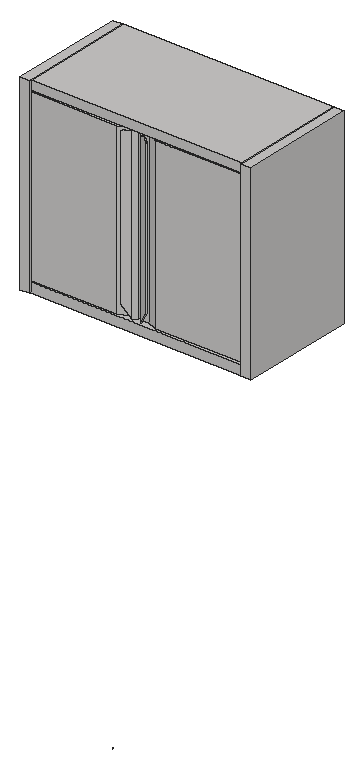
Revit family "QF_ELECTROLUXPROFESSIONAL_121881_TAP1B8", category Attrezzature speciali, Revit 2020
Family settings
  Quota connettore circolare = Usa diametro
  Tipo di parte = Normale
  Basato su piano di lavoro = No
  Sempre verticale = Sì
  Taglio con vuoti quando caricato = No
  Condiviso = No
  Punto di calcolo locali = No
Parameters (values of type "Standard")
  Weight = 56.00 kg
  Watts = 0 W
  Volts = 0 V
  URL Manufacturer = "https://www.electroluxprofessional.com/"
  URL = "https://www.electroluxprofessional.com/"
  Steam Supply Size = 0 mm
  Steam Supply Minimum Pressure = 0.0 Pa
  Steam Supply Maximum Pressure = 0.0 Pa
  Steam Consumption per Hour = 0
  Refrigeration Suction Line Size = 0.0 mm
  Refrigeration Liquid Line Size = 0.0 mm
  Refrigerant Compressor Remote = yes
  Prospetto di default = 0.0 mm
  Phase = 0
  Modello = "TAP1B8"
  Produttore = "Electrolux Professional"
  Length Actual = 800.0 mm  # constant formula
  Item Number = "121881"
  Hot Water Size = 0 mm
  Height Actual = 660.0 mm  # constant formula
  HP = "0 HP"
  Gas Size = 0 mm
  Gas KW = 0
  Gas Input Pressure = 0 W
  Direct Waste Size = 0 mm
  Descrizione = "WALL CUPBOARD W/2 HINGED DOORS 800 MM"
  Depth Actual = 400.0 mm  # constant formula
  Cycle = 0 Hz
  Condensate Return Size = 0 mm
  Compressed Air Volume = 0.0 L/s
  Compressed Air Size = 0 mm
  Compressed Air Pressure = 0.0 Pa
  Cold Water Size = 0 mm
  Accessory = yes
Reference planes
  plane 1 "Center (Front/Back)": y = 0
  plane 2: z = 0
  plane 3 "Center (Left/Right)": x = -300
  plane 4 "LEFT": x = -700
  plane 5 "RIGHT": x = 100
  plane 6 "BACK": y = 200
  plane 7 "FRONT": y = -200
  plane 8 "Base": z = 2260
  plane 9 "BASE": z = 1600
  plane 10: x = -666
  plane 11: x = 66
  plane 12: y = -197
  plane 13: y = 170
Forms (mm)
  Extrusion 1, solid, material "QF_Finishes_Stainless Steel"
    sketch origin (0, 0, 1600) x (-1, 0, 0) y (0, -1, 0)
      loop
        line (700, -200) -> (700, 200) -> (666, 200) -> (666, -200) -> (700, -200)
      loop
        line (-66, -200) -> (-66, 200) -> (-100, 200) -> (-100, -200) -> (-66, -200)
    from 0 to 660
  Extrusion 2, solid, material "QF_Finishes_Stainless Steel"
    sketch origin (0, 0, 1600) x (-1, 0, 0) y (0, -1, 0)
      loop
        line (666, -170) -> (666, 197) -> (-66, 197) -> (-66, -170) -> (666, -170)
    from 0 to 35
  Extrusion 3, solid, material "QF_Finishes_Stainless Steel"
    sketch origin (0, 0, 0) x (1, 0, 0) y (0, 1, 0)
      loop
        line (-666, -197) -> (66, -197) -> (66, 200) -> (-666, 200) -> (-666, -197)
    from 2230 to 2260
  Extrusion 4, solid, material "QF_Finishes_Stainless Steel"
    sketch origin (0, 0, 1600) x (-1, 0, 0) y (0, -1, 0)
      loop
        line (666, -200) -> (666, -170) -> (-66, -170) -> (-66, -200) -> (666, -200)
    from 630 to 0
  Extrusion 5, solid, material "QF_Finishes_Stainless Steel"
    sketch origin (0, -200, 0) x (-1, 0, 0) y (0, 0, 1)
      loop
        line (-66, 1635) -> (-56, 1635) -> (-56, 1640) -> (-66, 1640) -> (-66, 1635)
    from 38 to 40
  Extrusion 6, solid, material "QF_Finishes_Stainless Steel"
    sketch origin (0, 0, 0) x (1, 0, 0) y (0, 1, 0)
      loop
        line (-700, 200) -> (-700, 199) -> (-699, 199) -> (-699, 200) -> (-700, 200)
    from 0 to 1
Lines and regions (mm)
  symbolic lines, style "SpecialityEquipment"
    curve 1: line (100, 200, 2300) -> (-700, 200, 2300)
    curve 2: line (100, -200, 2300) -> (100, 200, 2300)
    curve 3: line (-700, -204.5, 1600) -> (-700, 200, 1600)
    curve 4: line (-700, -200, 1600) -> (-666, -200, 1600)
    curve 6: line (-666, -197, 1600) -> (66, -197, 1600)
    curve 8: line (66, -200, 1600) -> (100, -200, 1600)
    curve 9: line (-700, 200, 1600) -> (100, -200, 1600)
    curve 10: line (-700, -200, 1600) -> (100, 200, 1600)
  symbolic lines, style "SpecialityEquipmentHiddenLines"
    curve 5: line (-666, -200, 1600) -> (-666, -197, 1600)
    curve 7: line (66, -197, 1600) -> (66, -200, 1600)
Dimensions and locks
  plane 4 "LEFT" to plane 5 "RIGHT" = 800.0 mm
  equal spacing: plane 4 "LEFT", plane 3 "Center (Left/Right)", plane 5 "RIGHT"
  plane 6 "BACK" to plane 7 "FRONT" = 400.0 mm
  equal spacing: plane 6 "BACK", plane 1 "Center (Front/Back)", plane 7 "FRONT"
  locked: plane 4 "LEFT" to plane 10 at 34
  locked: plane 11 to plane 5 "RIGHT" at 34
  plane 12 to plane 7 "FRONT" = 3.0 mm
  plane 6 "BACK" to plane 13 = 30.0 mm
  locked: plane 8 "Base" to plane 9 "BASE" at 660
  plane 9 "BASE" to level = 1600.0 mm
  aligned and locked: level to plane 2
  aligned and locked: plane 8 "Base" to Extrusion 1
  aligned and locked: plane 6 "BACK" to Extrusion 1 sketch curve
  aligned and locked: Extrusion 1 sketch curve to plane 6 "BACK"
  aligned and locked: plane 7 "FRONT" to Extrusion 1 sketch curve
  aligned and locked: Extrusion 1 sketch curve to plane 7 "FRONT"
  aligned and locked: plane 10 to Extrusion 1
  aligned and locked: Extrusion 1 to plane 11
  aligned and locked: Extrusion 2 to plane 10
  aligned and locked: plane 11 to Extrusion 2
  aligned and locked: plane 8 "Base" to Extrusion 3
  aligned and locked: Extrusion 2 to plane 12
  aligned and locked: Extrusion 2 to plane 13
  aligned and locked: Extrusion 3 to plane 12
  aligned and locked: plane 10 to Extrusion 4 sketch curve
  aligned and locked: Extrusion 4 sketch curve to plane 11
  aligned and locked: Extrusion 4 sketch curve to plane 6 "BACK"
  aligned and locked: Extrusion 4 sketch curve to plane 13
  aligned and locked: Extrusion 4 to Extrusion 3
  aligned and locked: Extrusion 4 to plane 9 "BASE"
  aligned and locked: plane 6 "BACK" to Extrusion 3
Automatic sketch dimensions
  curve 2 to plane 5 "RIGHT" = 0.0 mm
  curve 2 to plane 7 "FRONT" = 0.0 mm
  curve 1 to plane 4 "LEFT" = 0.0 mm
  curve 1 to plane 6 "BACK" = 0.0 mm
  Extrusion 1 sketch curve to plane 5 "RIGHT" = 0.0 mm
  Extrusion 1 sketch curve to plane 11 = 0.0 mm
  Extrusion 1 sketch curve to plane 10 = 0.0 mm
  Extrusion 1 sketch curve to plane 4 "LEFT" = 0.0 mm
  Extrusion 2 sketch curve to plane 11 = 0.0 mm
  Extrusion 2 sketch curve to plane 10 = 0.0 mm
  plane 13 to Extrusion 2 sketch curve = 0.0 mm
  Extrusion 2 sketch curve to plane 12 = 0.0 mm
  Extrusion 3 sketch curve to plane 10 = 0.0 mm
  Extrusion 3 sketch curve to plane 11 = 0.0 mm
  Extrusion 3 sketch curve to plane 12 = 0.0 mm
  Extrusion 3 sketch curve to plane 13 = 30.0 mm
  Extrusion 5 sketch curve to plane 11 = 0.0 mm
  Extrusion 5 sketch curve to plane 11 = 10.0 mm
  plane 9 "BASE" to Extrusion 5 sketch curve = 35.0 mm
  Extrusion 5 sketch curve to Extrusion 5 sketch curve = 5.0 mm
  curve 9 to plane 5 "RIGHT" = 0.0 mm
  curve 10 to plane 5 "RIGHT" = 0.0 mm
  curve 8 to plane 7 "FRONT" = 0.0 mm
  curve 8 to plane 11 = 0.0 mm
  curve 5 to plane 10 = 0.0 mm
  curve 10 to plane 4 "LEFT" = 0.0 mm
  curve 3 to plane 6 "BACK" = 0.0 mm
  curve 10 to plane 6 "BACK" = 0.0 mm
  curve 7 to plane 12 = 0.0 mm
  curve 5 to plane 7 "FRONT" = 0.0 mm
  curve 4 to curve 3 = 4.5 mm
  Extrusion 6 sketch curve to plane 4 "LEFT" = 0.0 mm
  Extrusion 6 sketch curve to plane 6 "BACK" = 0.0 mm
  plane 4 "LEFT" to Extrusion 6 sketch curve = 1.0 mm
  Extrusion 6 sketch curve to Extrusion 6 sketch curve = 1.0 mm
Nested families
  nested 1: "H637_800_2SLIDEDOOR" at (-311.958, -162, 1932) x (-1, 0, 0) z (0, -1, 0), type "H637_800_2SLIDEDOOR"
    with Width 800.0 mm, Show Clearance yes
Definition of nested family "H637_800_2SLIDEDOOR"
  Parameters
    Width [instance] = 800.0 mm
    Show Clearance [instance] = yes
    Model = "727995"
    Height = 660.0 mm
    Default Elevation = 0.0 mm
  Reference planes
    plane 1 "Center (Front/Back)": y = 0
    plane 2: z = 0
    plane 3 "Center (Left/Right)": x = -11.958
    plane 4 "panel": z = 25
    plane 5 "High": y = 330
    plane 6 "Low": y = -330
    plane 7 "Left": x = -411.958
    plane 8: x = -373.958
    plane 9 "Right": x = 388.042
    plane 10: x = 353.042
    plane 11: x = -376.958
    plane 12: x = 350.042
    plane 13: y = 292
    plane 14: y = -292
    plane 15: z = 40.034
  Forms (mm)
    Extrusion 1, solid
      sketch origin (0, -919.2, 0) x (1, 0, 0) y (0, 1, 0)
        loop
          line (-980.5, 2119.2) -> (-980.5, -162.846) -> (881.94, -162.846) -> (881.94, 2119.2) -> (-980.5, 2119.2)
      from 0 to -59.546
    Extrusion 2, solid
      sketch origin (916.129, 0, 0) x (-1, 0, 0) y (0, 0, -1)
        loop
          line (566.087, -35) -> (861, -35) -> (896, -20) -> (926, -20) -> (926, 0) -> (566.087, 0) -> (566.087, -35)
      from 292 to -293
    Extrusion 3, solid
      sketch origin (364.087, 0, 0) x (1, 0, 0) y (0, 0, 1)
        loop
          line (-331.958, 49) -> (-359.958, 34) -> (-373.958, 20) -> (-371.13, 20) -> (-358.753, 32.377) -> (-331.014, 47.237) -> (-331.958, 49)
      from -293 to 292
    Extrusion 4, void
      sketch origin (364.087, 0, 0) x (1, 0, 0) y (0, 1, 0)
        loop
          line (-326.458, -292) -> (-326.458, -240.25) -> (-360.958, -292) -> (-326.458, -292)
        loop
          line (-331.014, 293) -> (-341.014, 293)
          arc (-341.014, 293) -> (-333.943, 290.071) -> (-331.014, 283) r 10
          line (-331.014, 283) -> (-331.014, 293)
      from 13.788 to 53.364
    Extrusion 5, solid
      sketch origin (-940.045, 0, 0) x (1, 0, 0) y (0, 0, 1)
        loop
          line (566.087, 35) -> (566.087, 0) -> (926, 0) -> (926, 20) -> (896, 20) -> (861, 35) -> (566.087, 35)
      from 292 to -293
    Extrusion 6, solid
      sketch origin (-388.003, 0, 0) x (-1, 0, 0) y (0, 0, -1)
        loop
          line (-331.958, -49) -> (-331.014, -47.237) -> (-358.753, -32.377) -> (-371.13, -20) -> (-373.958, -20) -> (-359.958, -34) -> (-331.958, -49)
      from -293 to 292
    Extrusion 7, void
      sketch origin (-388.003, 0, 0) x (-1, 0, 0) y (0, -1, 0)
        loop
          line (-326.458, 292) -> (-360.958, 292) -> (-326.458, 240.25) -> (-326.458, 292)
        loop
          line (-331.014, -293) -> (-331.014, -283)
          arc (-331.014, -283) -> (-333.943, -290.071) -> (-341.014, -293) r 10
          line (-341.014, -293) -> (-331.014, -293)
      from 28.426 to 53.364
    Extrusion 8, solid, detail levels coarse
      sketch origin (0, 0, -5.034) x (1, 0, 0) y (0, 0, 1)
        loop
          line (350.042, 40.034) -> (350.042, 400.034)
          arc (350.042, 400.034) -> (95.484, 294.592) -> (-9.958, 40.034) r 360
          line (-9.958, 40.034) -> (350.042, 40.034)
        loop
          line (-373.958, 40.034) -> (-13.958, 40.034)
          arc (-13.958, 40.034) -> (-119.4, 294.592) -> (-373.958, 400.034) r 360
          line (-373.958, 400.034) -> (-373.958, 40.034)
      from -292 to 292
  Cuts and joins
    Extrusion 4, Extrusion 7 cuts Extrusion 3
    Extrusion 7 cuts Extrusion 6
  Lines and regions (mm)
    symbolic lines
      curve 1: line (33.137, 0, 47.271) -> (32.192, 0, 49.034)
      curve 2: line (32.192, 0, 49.034) -> (5.748, 0, 34.867)
      curve 3: line (10.231, 0, 35) -> (33.137, 0, 47.271)
      curve 4: line (350.042, 0, 40.034) -> (350.042, 0, 395)
      curve 5: arc (350.042, 0, 395) -> (95.484, 0, 289.558) -> (-9.958, 0, 35) r 360
      curve 6: arc (-13.958, 0, 35) -> (-119.4, 0, 289.558) -> (-373.958, 0, 395) r 360
      curve 7: line (-373.958, 0, 395) -> (-373.958, 0, 35)
      curve 8: line (-57.053, 0, 47.271) -> (-56.108, 0, 49.034)
      curve 9: line (-56.108, 0, 49.034) -> (-29.912, 0, 35)
      curve 10: line (-34.147, 0, 35) -> (-57.053, 0, 47.271)
  Dimensions and locks
    plane 4 "panel" to level = 25.0 mm
    "Width": plane 7 "Left" to plane 9 "Right"
    equal spacing: plane 7 "Left", plane 3 "Center (Left/Right)", plane 9 "Right"
    plane 7 "Left" to plane 11 = 35.0 mm
    locked: plane 11 to plane 8 at 3
    locked: plane 12 to plane 10 at 3
    equal spacing: plane 6 "Low", plane 1 "Center (Front/Back)", plane 5 "High"
    "Height": plane 6 "Low" to plane 5 "High"
    locked: plane 6 "Low" to plane 14 at 38
    locked: plane 13 to plane 5 "High" at 38
    locked: plane 10 to plane 9 "Right" at 35
    plane 15 to Extrusion 1 = 40.034 mm
    aligned and locked: plane 2 to Extrusion 1
    aligned and locked: level to Extrusion 1
  Automatic sketch dimensions
    Extrusion 1 sketch curve to Extrusion 1 sketch curve = 1862.44 mm
    Extrusion 1 sketch curve to Extrusion 1 sketch curve = 2282.046 mm
    Extrusion 2 sketch curve to plane 12 = 0.0 mm
    Extrusion 2 sketch curve to level = 0.0 mm
    Extrusion 2 sketch curve to plane 15 = 5.034 mm
    plane 3 "Center (Left/Right)" to Extrusion 2 sketch curve = 67.087 mm
    Extrusion 2 sketch curve to plane 4 "panel" = 5.0 mm
    plane 3 "Center (Left/Right)" to Extrusion 2 sketch curve = 32.087 mm
    plane 3 "Center (Left/Right)" to Extrusion 2 sketch curve = 2.087 mm
    plane 3 "Center (Left/Right)" to Extrusion 3 sketch curve = 2.087 mm
    Extrusion 3 sketch curve to Extrusion 3 sketch curve = 2.828 mm
    Extrusion 3 sketch curve to plane 15 = 6.034 mm
    plane 3 "Center (Left/Right)" to Extrusion 3 sketch curve = 16.087 mm
    plane 4 "panel" to Extrusion 3 sketch curve = 7.377 mm
    Extrusion 3 sketch curve to Extrusion 3 sketch curve = 1.205 mm
    plane 15 to Extrusion 3 sketch curve = 8.966 mm
    Extrusion 3 sketch curve to Extrusion 3 sketch curve = 26.795 mm
    Extrusion 3 sketch curve to plane 4 "panel" = 5.0 mm
    Extrusion 4 sketch curve to plane 14 = 0.0 mm
    plane 3 "Center (Left/Right)" to Extrusion 4 sketch curve = 15.087 mm
    plane 13 to Extrusion 4 sketch curve = 1.0 mm
    plane 3 "Center (Left/Right)" to Extrusion 4 sketch curve = 35.031 mm
    Extrusion 4 sketch curve to Extrusion 4 sketch curve = 10.0 mm
    Extrusion 4 sketch curve to Extrusion 4 sketch curve = 34.5 mm
    plane 14 to Extrusion 4 sketch curve = 51.75 mm
    plane 8 to Extrusion 5 sketch curve = 0.0 mm
    Extrusion 5 sketch curve to level = 0.0 mm
    Extrusion 5 sketch curve to plane 15 = 5.034 mm
    Extrusion 5 sketch curve to plane 3 "Center (Left/Right)" = 67.087 mm
    Extrusion 5 sketch curve to plane 4 "panel" = 5.0 mm
    Extrusion 5 sketch curve to plane 3 "Center (Left/Right)" = 32.087 mm
    Extrusion 5 sketch curve to plane 3 "Center (Left/Right)" = 2.087 mm
    plane 3 "Center (Left/Right)" to Extrusion 6 sketch curve = 2.087 mm
    Extrusion 6 sketch curve to Extrusion 6 sketch curve = 2.828 mm
    plane 15 to Extrusion 6 sketch curve = 6.034 mm
    plane 3 "Center (Left/Right)" to Extrusion 6 sketch curve = 16.087 mm
    Extrusion 6 sketch curve to plane 4 "panel" = 7.377 mm
    Extrusion 6 sketch curve to Extrusion 6 sketch curve = 1.205 mm
    Extrusion 6 sketch curve to plane 15 = 8.966 mm
    Extrusion 6 sketch curve to Extrusion 6 sketch curve = 26.795 mm
    plane 4 "panel" to Extrusion 6 sketch curve = 5.0 mm
    plane 8 to Extrusion 8 sketch curve = 0.0 mm
    Extrusion 8 sketch curve to plane 12 = 0.0 mm
    Extrusion 8 sketch curve to plane 3 "Center (Left/Right)" = 2.0 mm
    plane 3 "Center (Left/Right)" to Extrusion 8 sketch curve = 2.0 mm
    Extrusion 8 sketch curve to plane 15 = 5.034 mm  (x2)
    Extrusion 7 sketch curve to plane 14 = 0.0 mm
    plane 3 "Center (Left/Right)" to Extrusion 7 sketch curve = 15.087 mm
    Extrusion 7 sketch curve to plane 13 = 1.0 mm
    plane 3 "Center (Left/Right)" to Extrusion 7 sketch curve = 35.031 mm
    Extrusion 7 sketch curve to Extrusion 7 sketch curve = 10.0 mm
    Extrusion 7 sketch curve to Extrusion 7 sketch curve = 34.5 mm
    Extrusion 7 sketch curve to plane 14 = 51.75 mm
    plane 8 to curve 6 = 0.0 mm
    curve 5 to plane 12 = 0.0 mm
    curve 4 to plane 15 = 0.0 mm
    plane 15 to curve 8 = 7.237 mm
    curve 8 to plane 3 "Center (Left/Right)" = 45.095 mm
    plane 15 to curve 9 = 9.0 mm
    curve 8 to curve 9 = 0.944 mm
    plane 15 to curve 2 = 9.0 mm
    plane 3 "Center (Left/Right)" to curve 2 = 44.15 mm
    plane 15 to curve 1 = 7.237 mm
    curve 1 to curve 1 = 0.944 mm
    curve 5 to curve 4 = 5.034 mm
    curve 6 to plane 15 = 5.034 mm
    plane 15 to curve 7 = 354.966 mm
    plane 15 to curve 4 = 354.966 mm
    curve 10 to plane 15 = 5.034 mm
    curve 9 to plane 15 = 5.034 mm
    curve 2 to plane 15 = 5.167 mm
    curve 3 to plane 15 = 5.034 mm
    curve 7 to curve 6 = 0.0 mm
